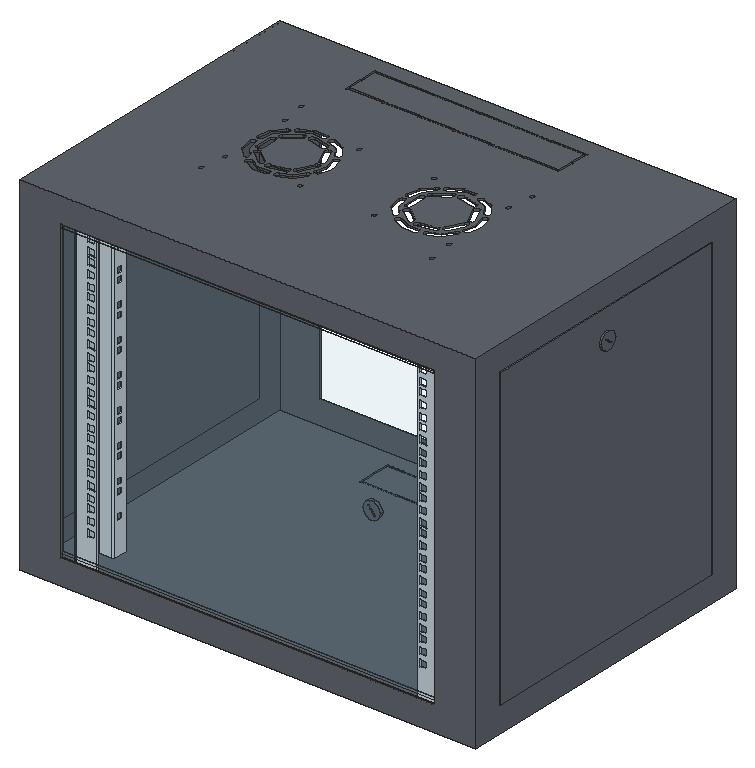
Revit family "Legrand Linkeo coffrets pivotants avec panneaux latéraux amovibles", category Equipement spécialisé, Revit 2020
Family settings
  Cote de connecteur circulaire = Utiliser le diamètre
  Type d'élément = Normal
  Numéro OmniClass = 23.80.30.11.17
  Titre OmniClass = Distribution Boards and Control Panels
  Basée sur le plan de construction = Non
  Toujours verticalement = Oui
  Couper avec des vides une fois chargée = Non
  Partagée = Oui
  Point de calcul de pièce = Non
Parameters (values of type "Coffret pivotant Legrand Linkeo 9U W600 D610 646221.rfa")
  Type de montage = "Frontal"
  Type d'aération = "Passif"
  Référence Legrand = "646221"
  RAL = "7016"
  Profondeur du modèle = 458.00 mm
  Passage utile en largeur (mm) = 527.00 mm
  Passage utile en hauteur (mm) = 422.00 mm
  Nombre de portes = "1"
  Nombre d'unités en hauteur = 9
  Modèle = "Corps pivotant"
  Matériau = "Acier"
  Lien e-catalogue = "https://www.legrand.fr/reference/646221/pro"
  Libellé BIM = "Coffret pivotant Legrand Linkeo 9U W600 D610 646221.rfa"
  Indice de protection IP = "IP20"
  Indice de protection IK = "IK08"
  Profondeur (mm) = 615.00 mm
  Largeur (mm) = 642.00 mm
  Hauteur (mm) = 492.00 mm
  Fonction = "Coffrets pivotants Legrand Linkeo"
  Finition du rail profilé = "En forme de L"
  Finition de surface = "Poudré"
  Fabricant = "Legrand"  # constant formula
  Epaisseur (mm) = 1.50 mm
  Emplacement de rack = 40.00 mm
  Elévation par défaut = 0.00 mm
  EAN = "3414970967893"
  Démontable = yes
  Dimension modulaire = "482.6 mm (19 pouces)"
  Couleur = gris
  Classe d'application = "Coffrets Legrand"
  Capacité de charge max = "27"
  Capacité = 9
  Avec tôle de toit = yes
  Avec porte frontale = yes
  Avec parois latérales = yes
  Avec mise à la terre = yes
Reference planes
  plane 1 "Centre (avant/arrière)": y = 4
  plane 2: z = 0
  plane 3 "Centre (gauche/droite)": x = 0
  plane 4: x = 642
  plane 5: z = 492
  plane 6: y = -454
  plane 7: x = 57.5
  plane 8: x = 584.5
  plane 9: x = 321
  plane 10: z = 457
  plane 11: z = 35
  plane 12: z = 246
  plane 13: y = -452
  plane 14: x = 321
  plane 15: y = -444.5
  plane 16: y = 455.094
  plane 17: x = 1428.928
  plane 18: z = -485.313
  plane 19: x = 2466.566
  plane 20: z = 246
  plane 21: x = 302.5
  plane 22: z = 51
  plane 23: x = 521
  plane 24: x = 121
  plane 25: x = 321
  plane 26: y = -414
  plane 27: x = 528
  plane 28: y = -412.5
  plane 29: x = 559.5
  plane 30: x = 561
  plane 31: y = -373.5
  plane 32: y = -372
  plane 33: x = 537.5
  plane 34: x = 539
  plane 35: y = -352
  plane 36: z = 46.65
  plane 37: z = 56.15
  plane 38: x = 531.5
  plane 39: x = 541
  plane 40: z = 78.4
  plane 41: z = 87.9
  plane 42: y = -358.486
  plane 43: y = -367.986
  plane 44: z = 72.03
  plane 45: z = 62.53
  plane 46: x = 77
  plane 47: y = -412.5
  plane 48: y = -373.5
  plane 49: y = -372
  plane 50: x = 67.5
  plane 51: x = 66
  plane 52: y = -352
  plane 53: z = 40
  plane 54: z = 457
  plane 55: z = 246
  plane 56: y = -454
  plane 57: y = -36
  plane 58: z = 35
  plane 59: y = -414
  plane 60 "Panneaux gauche": y = -410.5
  plane 61 "Panneaux droit": y = -39.5
  plane 62 "Panneaux haut": z = 455
  plane 63: z = 415
  plane 64: z = 415
  plane 65: y = -225
  plane 66: y = -225
  plane 67: y = -221
  plane 68: z = 0
  plane 69: y = 161
Forms (mm)
  Extrusion 1, solid, material "gris" <- "Couleur"
    sketch origin (0, 0, 0) x (0, 1, 0) y (0, 0, 1)
      loop
        line (-454, 0) -> (4, 0) -> (4, 492) -> (-454, 492) -> (-454, 0)
    from 0 to 642
  Extrusion 2, void
    sketch origin (0, 4, 0) x (1, 0, 0) y (0, 0, 1)
      loop
        line (2, 490) -> (2, 2) -> (640, 2) -> (640, 490) -> (2, 490)
    from 2 to 456
  Extrusion 3, void
    sketch origin (0, 4, 0) x (1, 0, 0) y (0, 0, 1)
      loop
        line (57.5, 457) -> (57.5, 35) -> (584.5, 35) -> (584.5, 457) -> (57.5, 457)
    from 0 to 458
  Extrusion 4, solid, material "Verre"
    sketch origin (0, 4, 0) x (1, 0, 0) y (0, 0, 1)
      loop
        line (57.5, 40) -> (584.5, 40) -> (584.5, 452) -> (57.5, 452) -> (57.5, 40)
    from 453 to 458
  Extrusion 5, void
    sketch origin (-365.695, -1524, 492) x (0, -1, 0) y (-1, 0, 0)
      loop
        line (-1350.513, -534.853) -> (-1358.354, -549.371)
        arc (-1358.354, -549.371) -> (-1358.749, -550.408) -> (-1358.863, -551.511) r 4.25
        line (-1358.863, -551.511) -> (-1358.394, -568.003)
        arc (-1358.394, -568.003) -> (-1354.026, -572.132) -> (-1349.897, -567.763) r 4.25
        line (-1349.897, -567.763) -> (-1350.334, -552.408) -> (-1343.033, -538.89)
        arc (-1343.033, -538.89) -> (-1344.755, -533.132) -> (-1350.513, -534.853) r 4.25
      loop
        line (-1354.904, -582.413) -> (-1348.443, -597.593)
        arc (-1348.443, -597.593) -> (-1347.879, -598.55) -> (-1347.086, -599.327) r 4.25
        line (-1347.086, -599.327) -> (-1333.9, -609.243)
        arc (-1333.9, -609.243) -> (-1327.948, -608.402) -> (-1328.79, -602.45) r 4.25
        line (-1328.79, -602.45) -> (-1341.067, -593.218) -> (-1347.082, -579.087)
        arc (-1347.082, -579.087) -> (-1352.657, -576.837) -> (-1354.904, -582.413) r 4.25
      loop
        line (-1346.169, -561.222) -> (-1341.018, -583.429)
        arc (-1341.018, -583.429) -> (-1335.919, -586.613) -> (-1332.738, -581.512) r 4.25
        line (-1332.738, -581.512) -> (-1337.889, -559.301)
        arc (-1337.889, -559.301) -> (-1342.989, -556.121) -> (-1346.169, -561.222) r 4.25
      loop
        line (-1331.58, -595.457) -> (-1311.006, -605.276)
        arc (-1311.006, -605.276) -> (-1305.336, -603.272) -> (-1307.347, -597.604) r 4.25
        line (-1307.347, -597.604) -> (-1327.918, -587.786)
        arc (-1327.918, -587.786) -> (-1333.585, -589.791) -> (-1331.58, -595.457) r 4.25
      loop
        line (-1303.383, -611.418) -> (-1318.185, -607.309)
        arc (-1318.185, -607.309) -> (-1323.416, -610.266) -> (-1320.461, -615.498) r 4.25
        line (-1320.461, -615.498) -> (-1304.557, -619.913)
        arc (-1304.557, -619.913) -> (-1303.461, -620.067) -> (-1302.362, -619.933) r 4.25
        line (-1302.362, -619.933) -> (-1286.384, -615.805)
        arc (-1286.384, -615.805) -> (-1283.332, -610.627) -> (-1288.51, -607.575) r 4.25
        line (-1288.51, -607.575) -> (-1303.383, -611.418)
      loop
        line (-1295.717, -605.396) -> (-1275.215, -595.434)
        arc (-1275.215, -595.434) -> (-1273.245, -589.752) -> (-1278.93, -587.789) r 4.25
        line (-1278.93, -587.789) -> (-1299.432, -597.751)
        arc (-1299.432, -597.751) -> (-1301.397, -603.431) -> (-1295.717, -605.396) r 4.25
      loop
        line (-1258.363, -597.811) -> (-1251.63, -582.747)
        arc (-1251.63, -582.747) -> (-1253.777, -577.132) -> (-1259.391, -579.283) r 4.25
        line (-1259.391, -579.283) -> (-1265.658, -593.302) -> (-1278.099, -602.313)
        arc (-1278.099, -602.313) -> (-1279.048, -608.248) -> (-1273.113, -609.197) r 4.25
        line (-1273.113, -609.197) -> (-1259.754, -599.522)
        arc (-1259.754, -599.522) -> (-1258.946, -598.758) -> (-1258.363, -597.811) r 4.25
      loop
        line (-1265.586, -583.55) -> (-1260.592, -561.312)
        arc (-1260.592, -561.312) -> (-1263.806, -556.231) -> (-1268.885, -559.448) r 4.25
        line (-1268.885, -559.448) -> (-1273.88, -581.692)
        arc (-1273.88, -581.692) -> (-1270.662, -586.771) -> (-1265.586, -583.55) r 4.25
      loop
        line (-1256.301, -552.513) -> (-1257.013, -567.863)
        arc (-1257.013, -567.863) -> (-1252.962, -572.301) -> (-1248.522, -568.252) r 4.25
        line (-1248.522, -568.252) -> (-1247.757, -551.774)
        arc (-1247.757, -551.774) -> (-1247.85, -550.666) -> (-1248.227, -549.621) r 4.25
        line (-1248.227, -549.621) -> (-1255.806, -534.964)
        arc (-1255.806, -534.964) -> (-1261.536, -533.142) -> (-1263.354, -538.873) r 4.25
        line (-1263.354, -538.873) -> (-1256.301, -552.513)
      loop
        line (-1263.875, -546.382) -> (-1278.15, -528.609)
        arc (-1278.15, -528.609) -> (-1284.127, -527.949) -> (-1284.782, -533.927) r 4.25
        line (-1284.782, -533.927) -> (-1270.506, -551.699)
        arc (-1270.506, -551.699) -> (-1264.532, -552.357) -> (-1263.875, -546.382) r 4.25
      loop
        line (-1265.201, -523.497) -> (-1277.606, -512.626)
        arc (-1277.606, -512.626) -> (-1278.527, -512.009) -> (-1279.576, -511.652) r 4.25
        line (-1279.576, -511.652) -> (-1295.774, -508.436)
        arc (-1295.774, -508.436) -> (-1300.766, -511.785) -> (-1297.416, -516.776) r 4.25
        line (-1297.416, -516.776) -> (-1282.356, -519.766) -> (-1270.803, -529.89)
        arc (-1270.803, -529.89) -> (-1264.806, -529.494) -> (-1265.201, -523.497) r 4.25
      loop
        line (-1310.597, -508.634) -> (-1326.831, -511.555)
        arc (-1326.831, -511.555) -> (-1327.888, -511.892) -> (-1328.821, -512.492) r 4.25
        line (-1328.821, -512.492) -> (-1341.424, -523.142)
        arc (-1341.424, -523.142) -> (-1341.927, -529.131) -> (-1335.938, -529.634) r 4.25
        line (-1335.938, -529.634) -> (-1324.205, -519.719) -> (-1309.084, -516.998)
        arc (-1309.084, -516.998) -> (-1305.657, -512.059) -> (-1310.597, -508.634) r 4.25
      loop
        line (-1291.875, -521.865) -> (-1314.672, -521.944)
        arc (-1314.672, -521.944) -> (-1318.91, -526.21) -> (-1314.64, -530.444) r 4.25
        line (-1314.64, -530.444) -> (-1291.846, -530.365)
        arc (-1291.846, -530.365) -> (-1287.611, -526.1) -> (-1291.875, -521.865) r 4.25
      loop
        line (-1328.501, -528.473) -> (-1342.652, -546.345)
        arc (-1342.652, -546.345) -> (-1341.958, -552.316) -> (-1335.988, -551.622) r 4.25
        line (-1335.988, -551.622) -> (-1321.835, -533.747)
        arc (-1321.835, -533.747) -> (-1322.53, -527.775) -> (-1328.501, -528.473) r 4.25
      loop
        line (-1248.227, -759.621) -> (-1255.806, -744.964)
        arc (-1255.806, -744.964) -> (-1261.535, -743.142) -> (-1263.354, -748.873) r 4.25
        line (-1263.354, -748.873) -> (-1256.301, -762.513) -> (-1257.013, -777.862)
        arc (-1257.013, -777.862) -> (-1252.962, -782.301) -> (-1248.522, -778.252) r 4.25
        line (-1248.522, -778.252) -> (-1247.757, -761.774)
        arc (-1247.757, -761.774) -> (-1247.85, -760.666) -> (-1248.227, -759.621) r 4.25
      loop
        line (-1258.363, -807.811) -> (-1251.63, -792.747)
        arc (-1251.63, -792.747) -> (-1253.777, -787.132) -> (-1259.391, -789.283) r 4.25
        line (-1259.391, -789.283) -> (-1265.658, -803.302) -> (-1278.099, -812.313)
        arc (-1278.099, -812.313) -> (-1279.048, -818.248) -> (-1273.113, -819.197) r 4.25
        line (-1273.113, -819.197) -> (-1259.75, -809.519)
        arc (-1259.75, -809.519) -> (-1258.944, -808.756) -> (-1258.363, -807.811) r 4.25
      loop
        line (-1288.506, -817.574) -> (-1303.383, -821.418) -> (-1318.185, -817.309)
        arc (-1318.185, -817.309) -> (-1323.416, -820.264) -> (-1320.464, -825.498) r 4.25
        line (-1320.464, -825.498) -> (-1304.567, -829.911)
        arc (-1304.567, -829.911) -> (-1303.467, -830.067) -> (-1302.365, -829.934) r 4.25
        line (-1302.365, -829.934) -> (-1286.38, -825.804)
        arc (-1286.38, -825.804) -> (-1283.332, -820.627) -> (-1288.506, -817.574) r 4.25
      loop
        line (-1328.79, -812.45) -> (-1341.067, -803.218) -> (-1347.082, -789.087)
        arc (-1347.082, -789.087) -> (-1352.657, -786.837) -> (-1354.904, -792.413) r 4.25
        line (-1354.904, -792.413) -> (-1348.442, -807.595)
        arc (-1348.442, -807.595) -> (-1347.878, -808.55) -> (-1347.086, -809.327) r 4.25
        line (-1347.086, -809.327) -> (-1333.898, -819.244)
        arc (-1333.898, -819.244) -> (-1327.947, -818.401) -> (-1328.79, -812.45) r 4.25
      loop
        line (-1353.399, -777.863) -> (-1353.663, -768.573) -> (-1343.034, -748.892)
        arc (-1343.034, -748.892) -> (-1344.753, -743.134) -> (-1350.511, -744.85) r 4.25
        line (-1350.511, -744.85) -> (-1358.355, -759.373)
        arc (-1358.355, -759.373) -> (-1358.749, -760.409) -> (-1358.863, -761.511) r 4.25
        line (-1358.863, -761.511) -> (-1358.394, -778.002)
        arc (-1358.394, -778.002) -> (-1355.827, -780.431) -> (-1353.399, -777.863) r 2.498
      loop
        line (-1335.935, -739.632) -> (-1324.205, -729.719) -> (-1309.086, -726.999)
        arc (-1309.086, -726.999) -> (-1305.656, -722.064) -> (-1310.589, -718.632) r 4.25
        line (-1310.589, -718.632) -> (-1326.828, -721.554)
        arc (-1326.828, -721.554) -> (-1327.886, -721.891) -> (-1328.821, -722.492) r 4.25
        line (-1328.821, -722.492) -> (-1341.422, -733.14)
        arc (-1341.422, -733.14) -> (-1341.927, -739.131) -> (-1335.935, -739.632) r 4.25
      loop
        line (-1297.423, -726.774) -> (-1282.356, -729.766) -> (-1270.8, -739.892)
        arc (-1270.8, -739.892) -> (-1264.805, -739.493) -> (-1265.201, -733.497) r 4.25
        line (-1265.201, -733.497) -> (-1277.608, -722.625)
        arc (-1277.608, -722.625) -> (-1278.53, -722.008) -> (-1279.581, -721.651) r 4.25
        line (-1279.581, -721.651) -> (-1295.768, -718.437)
        arc (-1295.768, -718.437) -> (-1300.764, -721.778) -> (-1297.423, -726.774) r 4.25
      loop
        line (-1284.782, -743.927) -> (-1270.506, -761.7)
        arc (-1270.506, -761.7) -> (-1264.532, -762.357) -> (-1263.875, -756.382) r 4.25
        line (-1263.875, -756.382) -> (-1278.152, -738.607)
        arc (-1278.152, -738.607) -> (-1284.128, -737.95) -> (-1284.782, -743.927) r 4.25
      loop
        line (-1268.885, -769.449) -> (-1273.88, -791.692)
        arc (-1273.88, -791.692) -> (-1270.662, -796.771) -> (-1265.586, -793.55) r 4.25
        line (-1265.586, -793.55) -> (-1260.591, -771.312)
        arc (-1260.591, -771.312) -> (-1263.806, -766.231) -> (-1268.885, -769.449) r 4.25
      loop
        line (-1278.93, -797.789) -> (-1299.438, -807.754)
        arc (-1299.438, -807.754) -> (-1301.396, -813.434) -> (-1295.717, -815.396) r 4.25
        line (-1295.717, -815.396) -> (-1275.21, -805.432)
        arc (-1275.21, -805.432) -> (-1273.246, -799.749) -> (-1278.93, -797.789) r 4.25
      loop
        line (-1291.875, -731.865) -> (-1314.671, -731.944)
        arc (-1314.671, -731.944) -> (-1318.91, -736.209) -> (-1314.641, -740.444) r 4.25
        line (-1314.641, -740.444) -> (-1291.846, -740.365)
        arc (-1291.846, -740.365) -> (-1287.611, -736.1) -> (-1291.875, -731.865) r 4.25
      loop
        line (-1328.502, -738.474) -> (-1342.652, -756.345)
        arc (-1342.652, -756.345) -> (-1341.958, -762.316) -> (-1335.988, -761.622) r 4.25
        line (-1335.988, -761.622) -> (-1321.835, -743.746)
        arc (-1321.835, -743.746) -> (-1322.531, -737.775) -> (-1328.502, -738.474) r 4.25
      loop
        line (-1346.169, -771.222) -> (-1341.019, -793.428)
        arc (-1341.019, -793.428) -> (-1335.92, -796.613) -> (-1332.738, -791.512) r 4.25
        line (-1332.738, -791.512) -> (-1337.889, -769.301)
        arc (-1337.889, -769.301) -> (-1342.989, -766.121) -> (-1346.169, -771.222) r 4.25
      loop
        line (-1331.58, -805.457) -> (-1311.005, -815.277)
        arc (-1311.005, -815.277) -> (-1305.337, -813.274) -> (-1307.342, -807.607) r 4.25
        line (-1307.342, -807.607) -> (-1327.912, -797.789)
        arc (-1327.912, -797.789) -> (-1333.583, -799.788) -> (-1331.58, -805.457) r 4.25
      loop
        circle (-1391.328, -505.695) r 2.75
      loop
        circle (-1355.83, -510.693) r 2.75
      loop
        circle (-1250.829, -510.693) r 2.75
      loop
        circle (-1215.328, -505.695) r 2.75
      loop
        circle (-1250.828, -615.695) r 2.75
      loop
        circle (-1355.828, -615.695) r 2.75
      loop
        circle (-1355.83, -720.693) r 2.75
      loop
        circle (-1250.828, -720.695) r 2.75
      loop
        circle (-1250.828, -825.695) r 2.75
      loop
        circle (-1215.328, -830.695) r 2.75
      loop
        circle (-1355.828, -825.695) r 2.75
      loop
        circle (-1391.328, -830.695) r 2.75
    from 0 to 2
  Extrusion 6, void
    sketch origin (0, 4, 492) x (1, 0, 0) y (0, -1, 0)
      loop
        line (152.5, 24) -> (201.75, 24) -> (201.75, 27) -> (155.5, 27) -> (155.5, 48.25) -> (152.5, 48.25) -> (152.5, 24)
      loop
        line (452.5, 49.75) -> (452.5, 74) -> (403.25, 74) -> (403.25, 71) -> (449.5, 71) -> (449.5, 49.75) -> (452.5, 49.75)
      loop
        line (403.25, 24) -> (452.5, 24) -> (452.5, 48.25) -> (449.5, 48.25) -> (449.5, 27) -> (403.25, 27) -> (403.25, 24)
      loop
        line (203.25, 71) -> (251.75, 71) -> (251.75, 74) -> (203.25, 74) -> (203.25, 71)
      loop
        line (152.5, 49.75) -> (155.5, 49.75) -> (155.5, 71) -> (201.75, 71) -> (201.75, 74) -> (152.5, 74) -> (152.5, 49.75)
      loop
        line (253.25, 74) -> (253.25, 71) -> (301.75, 71) -> (301.75, 74) -> (253.25, 74)
      loop
        line (351.75, 71) -> (351.75, 74) -> (303.25, 74) -> (303.25, 71) -> (351.75, 71)
      loop
        line (353.25, 74) -> (353.25, 71) -> (401.75, 71) -> (401.75, 74) -> (353.25, 74)
      loop
        line (351.75, 27) -> (303.25, 27) -> (303.25, 24) -> (351.75, 24) -> (351.75, 27)
      loop
        line (353.25, 27) -> (353.25, 24) -> (401.75, 24) -> (401.75, 27) -> (353.25, 27)
      loop
        line (251.75, 27) -> (203.25, 27) -> (203.25, 24) -> (251.75, 24) -> (251.75, 27)
      loop
        line (253.25, 27) -> (253.25, 24) -> (301.75, 24) -> (301.75, 27) -> (253.25, 27)
    from 0 to 2
  Extrusion 7, void
    sketch origin (0, -150, 0) x (1, 0, 0) y (0, 1, 0)
      loop
        line (171, 130) -> (171, 105.75) -> (174, 105.75) -> (174, 127) -> (220.25, 127) -> (220.25, 130) -> (171, 130)
      loop
        line (471, 104.25) -> (468, 104.25) -> (468, 83) -> (421.75, 83) -> (421.75, 80) -> (471, 80) -> (471, 104.25)
      loop
        line (421.75, 130) -> (421.75, 127) -> (468, 127) -> (468, 105.75) -> (471, 105.75) -> (471, 130) -> (421.75, 130)
      loop
        line (221.75, 83) -> (221.75, 80) -> (270.25, 80) -> (270.25, 83) -> (221.75, 83)
      loop
        line (171, 104.25) -> (171, 80) -> (220.25, 80) -> (220.25, 83) -> (174, 83) -> (174, 104.25) -> (171, 104.25)
      loop
        line (271.75, 80) -> (320.25, 80) -> (320.25, 83) -> (271.75, 83) -> (271.75, 80)
      loop
        line (370.25, 83) -> (321.75, 83) -> (321.75, 80) -> (370.25, 80) -> (370.25, 83)
      loop
        line (371.75, 80) -> (420.25, 80) -> (420.25, 83) -> (371.75, 83) -> (371.75, 80)
      loop
        line (370.25, 127) -> (370.25, 130) -> (321.75, 130) -> (321.75, 127) -> (370.25, 127)
      loop
        line (371.75, 127) -> (420.25, 127) -> (420.25, 130) -> (371.75, 130) -> (371.75, 127)
      loop
        line (270.25, 127) -> (270.25, 130) -> (221.75, 130) -> (221.75, 127) -> (270.25, 127)
      loop
        line (271.75, 127) -> (320.25, 127) -> (320.25, 130) -> (271.75, 130) -> (271.75, 127)
    from 0 to 2
  Extrusion 8, solid
    sketch origin (640, 4, 2) x (-1, 0, 0) y (0, -1, 0)
      loop
        line (112, 416.5) -> (112, 418) -> (82, 418)
        arc (82, 418) -> (79.879, 417.121) -> (79, 415) r 3
        line (79, 415) -> (79, 379)
        arc (79, 379) -> (79.879, 376.879) -> (82, 376) r 3
        line (82, 376) -> (99.5, 376)
        arc (99.5, 376) -> (100.561, 375.561) -> (101, 374.5) r 1.5
        line (101, 374.5) -> (101, 356) -> (102.5, 356) -> (102.5, 374.5)
        arc (102.5, 374.5) -> (101.621, 376.621) -> (99.5, 377.5) r 3
        line (99.5, 377.5) -> (82, 377.5)
        arc (82, 377.5) -> (80.939, 377.939) -> (80.5, 379) r 1.5
        line (80.5, 379) -> (80.5, 415)
        arc (80.5, 415) -> (80.939, 416.061) -> (82, 416.5) r 1.5
        line (82, 416.5) -> (112, 416.5)
    from 0 to 488
  Extrusion 9, void
    sketch origin (528, -414, 2) x (-1, 0, 0) y (0, 0, 1)
      loop
        line (-3.5, 44.65) -> (-3.5, 54.15) -> (-13, 54.15) -> (-13, 44.65) -> (-3.5, 44.65)
      loop
        line (-3.5, 76.4) -> (-3.5, 85.9) -> (-13, 85.9) -> (-13, 76.4) -> (-3.5, 76.4)
    from 0 to 1.5
  Extrusion 10, void
    sketch origin (528, -414, 2) x (-1, 0, 0) y (0, 0, 1)
      loop
        line (-3.5, 60.53) -> (-3.5, 70.03) -> (-13, 70.03) -> (-13, 60.53) -> (-3.5, 60.53)
    from 0 to 1.5
  Extrusion 11, solid
    sketch origin (50.243, 4, 2) x (1, 0, 0) y (0, 1, 0)
      loop
        line (26.757, -416.5) -> (-3.243, -416.5)
        arc (-3.243, -416.5) -> (-4.303, -416.061) -> (-4.743, -415) r 1.5
        line (-4.743, -415) -> (-4.743, -379)
        arc (-4.743, -379) -> (-4.303, -377.939) -> (-3.243, -377.5) r 1.5
        line (-3.243, -377.5) -> (14.257, -377.5)
        arc (14.257, -377.5) -> (16.379, -376.621) -> (17.257, -374.5) r 3
        line (17.257, -374.5) -> (17.257, -356) -> (15.757, -356) -> (15.757, -374.5)
        arc (15.757, -374.5) -> (15.318, -375.561) -> (14.257, -376) r 1.5
        line (14.257, -376) -> (-3.243, -376)
        arc (-3.243, -376) -> (-5.364, -376.879) -> (-6.243, -379) r 3
        line (-6.243, -379) -> (-6.243, -415)
        arc (-6.243, -415) -> (-5.364, -417.121) -> (-3.243, -418) r 3
        line (-3.243, -418) -> (26.757, -418) -> (26.757, -416.5)
    from 0 to 488
  Extrusion 12, void
    sketch origin (60.5, -414, 2) x (-1, 0, 0) y (0, 0, 1)
      loop
        line (-3.5, 44.65) -> (-3.5, 54.15) -> (-13, 54.15) -> (-13, 44.65) -> (-3.5, 44.65)
      loop
        line (-3.5, 76.4) -> (-3.5, 85.9) -> (-13, 85.9) -> (-13, 76.4) -> (-3.5, 76.4)
    from 0 to 1.5
  Extrusion 13, void
    sketch origin (60.5, -414, 2) x (-1, 0, 0) y (0, 0, 1)
      loop
        line (-3.5, 60.53) -> (-3.5, 70.03) -> (-13, 70.03) -> (-13, 60.53) -> (-3.5, 60.53)
    from 0 to 1.5
  Extrusion 14, void, not visible
    sketch origin (528, -414, 2) x (-1, 0, 0) y (0, 0, 1)
      loop
        line (-3.5, 44.65) -> (-3.5, 54.15) -> (-13, 54.15) -> (-13, 44.65) -> (-3.5, 44.65)
      loop
        line (-3.5, 76.4) -> (-3.5, 85.9) -> (-13, 85.9) -> (-13, 76.4) -> (-3.5, 76.4)
    from 0 to 1.5
  Extrusion 15, void, not visible
    sketch origin (528, -414, 2) x (-1, 0, 0) y (0, 0, 1)
      loop
        line (-3.5, 60.53) -> (-3.5, 70.03) -> (-13, 70.03) -> (-13, 60.53) -> (-3.5, 60.53)
    from 0 to 1.5
  Extrusion 16, void
    sketch origin (528, -414, 46.45) x (-1, 0, 0) y (0, 0, 1)
      loop
        line (-3.5, 44.65) -> (-3.5, 54.15) -> (-13, 54.15) -> (-13, 44.65) -> (-3.5, 44.65)
      loop
        line (-3.5, 76.4) -> (-3.5, 85.9) -> (-13, 85.9) -> (-13, 76.4) -> (-3.5, 76.4)
    from 0 to 1.5
  Extrusion 17, void
    sketch origin (528, -414, 46.45) x (-1, 0, 0) y (0, 0, 1)
      loop
        line (-3.5, 60.53) -> (-3.5, 70.03) -> (-13, 70.03) -> (-13, 60.53) -> (-3.5, 60.53)
    from 0 to 1.5
  Extrusion 18, void
    sketch origin (60.5, -414, 46.45) x (-1, 0, 0) y (0, 0, 1)
      loop
        line (-3.5, 44.65) -> (-3.5, 54.15) -> (-13, 54.15) -> (-13, 44.65) -> (-3.5, 44.65)
      loop
        line (-3.5, 76.4) -> (-3.5, 85.9) -> (-13, 85.9) -> (-13, 76.4) -> (-3.5, 76.4)
    from 0 to 1.5
  Extrusion 19, void
    sketch origin (60.5, -414, 46.45) x (-1, 0, 0) y (0, 0, 1)
      loop
        line (-3.5, 60.53) -> (-3.5, 70.03) -> (-13, 70.03) -> (-13, 60.53) -> (-3.5, 60.53)
    from 0 to 1.5
  Extrusion 20, void
    sketch origin (528, -414, 90.9) x (-1, 0, 0) y (0, 0, 1)
      loop
        line (-3.5, 44.65) -> (-3.5, 54.15) -> (-13, 54.15) -> (-13, 44.65) -> (-3.5, 44.65)
      loop
        line (-3.5, 76.4) -> (-3.5, 85.9) -> (-13, 85.9) -> (-13, 76.4) -> (-3.5, 76.4)
    from 0 to 1.5
  Extrusion 21, void
    sketch origin (528, -414, 90.9) x (-1, 0, 0) y (0, 0, 1)
      loop
        line (-3.5, 60.53) -> (-3.5, 70.03) -> (-13, 70.03) -> (-13, 60.53) -> (-3.5, 60.53)
    from 0 to 1.5
  Extrusion 22, void
    sketch origin (60.5, -414, 90.9) x (-1, 0, 0) y (0, 0, 1)
      loop
        line (-3.5, 44.65) -> (-3.5, 54.15) -> (-13, 54.15) -> (-13, 44.65) -> (-3.5, 44.65)
      loop
        line (-3.5, 76.4) -> (-3.5, 85.9) -> (-13, 85.9) -> (-13, 76.4) -> (-3.5, 76.4)
    from 0 to 1.5
  Extrusion 23, void
    sketch origin (60.5, -414, 90.9) x (-1, 0, 0) y (0, 0, 1)
      loop
        line (-3.5, 60.53) -> (-3.5, 70.03) -> (-13, 70.03) -> (-13, 60.53) -> (-3.5, 60.53)
    from 0 to 1.5
  Extrusion 24, void
    sketch origin (528, -414, 135.35) x (-1, 0, 0) y (0, 0, 1)
      loop
        line (-3.5, 44.65) -> (-3.5, 54.15) -> (-13, 54.15) -> (-13, 44.65) -> (-3.5, 44.65)
      loop
        line (-3.5, 76.4) -> (-3.5, 85.9) -> (-13, 85.9) -> (-13, 76.4) -> (-3.5, 76.4)
    from 0 to 1.5
  Extrusion 25, void
    sketch origin (528, -414, 135.35) x (-1, 0, 0) y (0, 0, 1)
      loop
        line (-3.5, 60.53) -> (-3.5, 70.03) -> (-13, 70.03) -> (-13, 60.53) -> (-3.5, 60.53)
    from 0 to 1.5
  Extrusion 26, void
    sketch origin (60.5, -414, 135.35) x (-1, 0, 0) y (0, 0, 1)
      loop
        line (-3.5, 44.65) -> (-3.5, 54.15) -> (-13, 54.15) -> (-13, 44.65) -> (-3.5, 44.65)
      loop
        line (-3.5, 76.4) -> (-3.5, 85.9) -> (-13, 85.9) -> (-13, 76.4) -> (-3.5, 76.4)
    from 0 to 1.5
  Extrusion 27, void
    sketch origin (60.5, -414, 135.35) x (-1, 0, 0) y (0, 0, 1)
      loop
        line (-3.5, 60.53) -> (-3.5, 70.03) -> (-13, 70.03) -> (-13, 60.53) -> (-3.5, 60.53)
    from 0 to 1.5
  Extrusion 28, void
    sketch origin (528, -414, 179.8) x (-1, 0, 0) y (0, 0, 1)
      loop
        line (-3.5, 44.65) -> (-3.5, 54.15) -> (-13, 54.15) -> (-13, 44.65) -> (-3.5, 44.65)
      loop
        line (-3.5, 76.4) -> (-3.5, 85.9) -> (-13, 85.9) -> (-13, 76.4) -> (-3.5, 76.4)
    from 0 to 1.5
  Extrusion 29, void
    sketch origin (528, -414, 179.8) x (-1, 0, 0) y (0, 0, 1)
      loop
        line (-3.5, 60.53) -> (-3.5, 70.03) -> (-13, 70.03) -> (-13, 60.53) -> (-3.5, 60.53)
    from 0 to 1.5
  Extrusion 30, void
    sketch origin (60.5, -414, 179.8) x (-1, 0, 0) y (0, 0, 1)
      loop
        line (-3.5, 44.65) -> (-3.5, 54.15) -> (-13, 54.15) -> (-13, 44.65) -> (-3.5, 44.65)
      loop
        line (-3.5, 76.4) -> (-3.5, 85.9) -> (-13, 85.9) -> (-13, 76.4) -> (-3.5, 76.4)
    from 0 to 1.5
  Extrusion 31, void
    sketch origin (60.5, -414, 179.8) x (-1, 0, 0) y (0, 0, 1)
      loop
        line (-3.5, 60.53) -> (-3.5, 70.03) -> (-13, 70.03) -> (-13, 60.53) -> (-3.5, 60.53)
    from 0 to 1.5
  Extrusion 32, void
    sketch origin (528, -414, 224.25) x (-1, 0, 0) y (0, 0, 1)
      loop
        line (-3.5, 44.65) -> (-3.5, 54.15) -> (-13, 54.15) -> (-13, 44.65) -> (-3.5, 44.65)
      loop
        line (-3.5, 76.4) -> (-3.5, 85.9) -> (-13, 85.9) -> (-13, 76.4) -> (-3.5, 76.4)
    from 0 to 1.5
  Extrusion 33, void
    sketch origin (528, -414, 224.25) x (-1, 0, 0) y (0, 0, 1)
      loop
        line (-3.5, 60.53) -> (-3.5, 70.03) -> (-13, 70.03) -> (-13, 60.53) -> (-3.5, 60.53)
    from 0 to 1.5
  Extrusion 34, void
    sketch origin (60.5, -414, 224.25) x (-1, 0, 0) y (0, 0, 1)
      loop
        line (-3.5, 44.65) -> (-3.5, 54.15) -> (-13, 54.15) -> (-13, 44.65) -> (-3.5, 44.65)
      loop
        line (-3.5, 76.4) -> (-3.5, 85.9) -> (-13, 85.9) -> (-13, 76.4) -> (-3.5, 76.4)
    from 0 to 1.5
  Extrusion 35, void
    sketch origin (60.5, -414, 224.25) x (-1, 0, 0) y (0, 0, 1)
      loop
        line (-3.5, 60.53) -> (-3.5, 70.03) -> (-13, 70.03) -> (-13, 60.53) -> (-3.5, 60.53)
    from 0 to 1.5
  Extrusion 36, void
    sketch origin (0, 0, 0) x (0, 1, 0) y (0, 0, 1)
      loop
        line (-367.986, 87.9) -> (-367.986, 78.4) -> (-358.486, 78.4) -> (-358.486, 87.9) -> (-367.986, 87.9)
    from 539 to 66
  Extrusion 37, void
    sketch origin (0, 0, -31.75) x (0, 1, 0) y (0, 0, 1)
      loop
        line (-367.986, 87.9) -> (-367.986, 78.4) -> (-358.486, 78.4) -> (-358.486, 87.9) -> (-367.986, 87.9)
    from 539 to 66
  Extrusion 38, void
    sketch origin (0, 0, 44.45) x (0, 1, 0) y (0, 0, 1)
      loop
        line (-367.986, 87.9) -> (-367.986, 78.4) -> (-358.486, 78.4) -> (-358.486, 87.9) -> (-367.986, 87.9)
    from 539 to 66
  Extrusion 39, void
    sketch origin (0, 0, 12.7) x (0, 1, 0) y (0, 0, 1)
      loop
        line (-367.986, 87.9) -> (-367.986, 78.4) -> (-358.486, 78.4) -> (-358.486, 87.9) -> (-367.986, 87.9)
    from 539 to 66
  Extrusion 40, void
    sketch origin (0, 0, 88.9) x (0, 1, 0) y (0, 0, 1)
      loop
        line (-367.986, 87.9) -> (-367.986, 78.4) -> (-358.486, 78.4) -> (-358.486, 87.9) -> (-367.986, 87.9)
    from 539 to 66
  Extrusion 41, void
    sketch origin (0, 0, 57.15) x (0, 1, 0) y (0, 0, 1)
      loop
        line (-367.986, 87.9) -> (-367.986, 78.4) -> (-358.486, 78.4) -> (-358.486, 87.9) -> (-367.986, 87.9)
    from 539 to 66
  Extrusion 42, void
    sketch origin (0, 0, 133.35) x (0, 1, 0) y (0, 0, 1)
      loop
        line (-367.986, 87.9) -> (-367.986, 78.4) -> (-358.486, 78.4) -> (-358.486, 87.9) -> (-367.986, 87.9)
    from 539 to 66
  Extrusion 43, void
    sketch origin (0, 0, 101.6) x (0, 1, 0) y (0, 0, 1)
      loop
        line (-367.986, 87.9) -> (-367.986, 78.4) -> (-358.486, 78.4) -> (-358.486, 87.9) -> (-367.986, 87.9)
    from 539 to 66
  Extrusion 44, void
    sketch origin (0, 0, 177.8) x (0, 1, 0) y (0, 0, 1)
      loop
        line (-367.986, 87.9) -> (-367.986, 78.4) -> (-358.486, 78.4) -> (-358.486, 87.9) -> (-367.986, 87.9)
    from 539 to 66
  Extrusion 45, void
    sketch origin (0, 0, 146.05) x (0, 1, 0) y (0, 0, 1)
      loop
        line (-367.986, 87.9) -> (-367.986, 78.4) -> (-358.486, 78.4) -> (-358.486, 87.9) -> (-367.986, 87.9)
    from 539 to 66
  Extrusion 46, void
    sketch origin (0, 0, 222.25) x (0, 1, 0) y (0, 0, 1)
      loop
        line (-367.986, 87.9) -> (-367.986, 78.4) -> (-358.486, 78.4) -> (-358.486, 87.9) -> (-367.986, 87.9)
    from 539 to 66
  Extrusion 47, void
    sketch origin (0, 0, 190.5) x (0, 1, 0) y (0, 0, 1)
      loop
        line (-367.986, 87.9) -> (-367.986, 78.4) -> (-358.486, 78.4) -> (-358.486, 87.9) -> (-367.986, 87.9)
    from 539 to 66
  Extrusion 48, solid, material "gris" <- "Couleur"
    sketch origin (-146.117, -446.068, -225.529) x (1, 0, 0) y (0, 0, 1)
      loop
        circle (638.746, 471.529) r 12
    from 0 to 4
  Extrusion 49, void
    sketch origin (-145.497, -450.068, -225.694) x (-1, 0, 0) y (0, 0, 1)
      loop
        line (-631.856, 476.03) -> (-633.789, 477.963) -> (-644.395, 467.357) -> (-642.463, 465.424) -> (-631.856, 476.03)
    from 0 to 2
  Extrusion 50, solid, material "gris" <- "Couleur", not visible
    sketch origin (50.552, -446.068, -159.029) x (1, 0, 0) y (0, 0, 1)
      loop
        circle (638.746, 471.529) r 12
    from 0 to 4
  Extrusion 51, void, not visible
    sketch origin (51.172, -450.068, -159.194) x (-1, 0, 0) y (0, 0, 1)
      loop
        line (-631.856, 476.03) -> (-633.789, 477.963) -> (-644.395, 467.357) -> (-642.463, 465.424) -> (-631.856, 476.03)
    from 0 to 2
  Extrusion 52, void
    sketch origin (0, 0, 0) x (0, 1, 0) y (0, 0, 1)
      loop
        line (-414, 35) -> (-36, 35) -> (-36, 457) -> (-414, 457) -> (-414, 35)
    from 0 to 642
  Extrusion 53, solid, material "gris" <- "Couleur"
    sketch origin (0, 0, 0) x (0, 1, 0) y (0, 0, 1)
      loop
        line (-410.5, 35) -> (-39.5, 35) -> (-39.5, 455) -> (-410.5, 455) -> (-410.5, 35)
    from 0 to 5
  Extrusion 54, solid, material "gris" <- "Couleur"
    sketch origin (642, -1989, -280.87) x (0, 0, -1) y (0, -1, 0)
      loop
        line (-315.87, -1578.5) -> (-735.87, -1578.5) -> (-735.87, -1949.5) -> (-315.87, -1949.5) -> (-315.87, -1578.5)
    from 0 to 5
  Extrusion 55, solid, material "gris" <- "Couleur", not visible
    sketch origin (0, 411.746, -178.488) x (0, -1, 0) y (0, 0, 1)
      loop
        circle (638.746, 471.529) r 12
    from 0 to 4
  Extrusion 56, void, not visible
    sketch origin (-4, 411.126, -178.653) x (0, 1, 0) y (0, 0, 1)
      loop
        line (-631.856, 476.03) -> (-633.789, 477.963) -> (-644.395, 467.357) -> (-642.463, 465.424) -> (-631.856, 476.03)
    from 0 to 2
  Extrusion 57, solid, material "gris" <- "Couleur"
    sketch origin (0, 413.746, -56.529) x (0, -1, 0) y (0, 0, 1)
      loop
        circle (638.746, 471.529) r 12
    from 0 to 4
  Extrusion 58, void
    sketch origin (-4, 413.126, -56.694) x (0, 1, 0) y (0, 0, 1)
      loop
        line (-631.856, 476.03) -> (-633.789, 477.963) -> (-644.395, 467.357) -> (-642.463, 465.424) -> (-631.856, 476.03)
    from 0 to 2
  Extrusion 59, solid, material "gris" <- "Couleur"
    sketch origin (642, -863.746, -56.529) x (0, 1, 0) y (0, 0, 1)
      loop
        circle (638.746, 471.529) r 12
    from 0 to 4
  Extrusion 60, void
    sketch origin (646, -863.126, -56.694) x (0, -1, 0) y (0, 0, 1)
      loop
        line (-631.856, 476.03) -> (-633.789, 477.963) -> (-644.395, 467.357) -> (-642.463, 465.424) -> (-631.856, 476.03)
    from 0 to 2
  Extrusion 61, solid, material "gris" <- "Couleur", not visible
    sketch origin (661, -865.746, -189.529) x (0, 1, 0) y (0, 0, 1)
      loop
        circle (638.746, 471.529) r 12
    from 0 to 4
  Extrusion 62, void, not visible
    sketch origin (665, -865.126, -189.694) x (0, -1, 0) y (0, 0, 1)
      loop
        line (-631.856, 476.03) -> (-633.789, 477.963) -> (-644.395, 467.357) -> (-642.463, 465.424) -> (-631.856, 476.03)
    from 0 to 2
  Extrusion 63, void, not visible
    sketch origin (-365.695, -1649.078, 625) x (0, -1, 0) y (-1, 0, 0)
      loop
        line (-1350.513, -534.853) -> (-1358.354, -549.371)
        arc (-1358.354, -549.371) -> (-1358.749, -550.408) -> (-1358.863, -551.511) r 4.25
        line (-1358.863, -551.511) -> (-1358.394, -568.003)
        arc (-1358.394, -568.003) -> (-1354.026, -572.132) -> (-1349.897, -567.763) r 4.25
        line (-1349.897, -567.763) -> (-1350.334, -552.408) -> (-1343.033, -538.89)
        arc (-1343.033, -538.89) -> (-1344.755, -533.132) -> (-1350.513, -534.853) r 4.25
      loop
        line (-1354.904, -582.413) -> (-1348.443, -597.593)
        arc (-1348.443, -597.593) -> (-1347.879, -598.55) -> (-1347.086, -599.327) r 4.25
        line (-1347.086, -599.327) -> (-1333.9, -609.243)
        arc (-1333.9, -609.243) -> (-1327.948, -608.402) -> (-1328.79, -602.45) r 4.25
        line (-1328.79, -602.45) -> (-1341.067, -593.218) -> (-1347.082, -579.087)
        arc (-1347.082, -579.087) -> (-1352.657, -576.837) -> (-1354.904, -582.413) r 4.25
      loop
        line (-1346.169, -561.222) -> (-1341.018, -583.429)
        arc (-1341.018, -583.429) -> (-1335.919, -586.613) -> (-1332.738, -581.512) r 4.25
        line (-1332.738, -581.512) -> (-1337.889, -559.301)
        arc (-1337.889, -559.301) -> (-1342.989, -556.121) -> (-1346.169, -561.222) r 4.25
      loop
        line (-1331.58, -595.457) -> (-1311.006, -605.276)
        arc (-1311.006, -605.276) -> (-1305.336, -603.272) -> (-1307.347, -597.604) r 4.25
        line (-1307.347, -597.604) -> (-1327.918, -587.786)
        arc (-1327.918, -587.786) -> (-1333.585, -589.791) -> (-1331.58, -595.457) r 4.25
      loop
        line (-1303.383, -611.418) -> (-1318.185, -607.309)
        arc (-1318.185, -607.309) -> (-1323.416, -610.266) -> (-1320.461, -615.498) r 4.25
        line (-1320.461, -615.498) -> (-1304.557, -619.913)
        arc (-1304.557, -619.913) -> (-1303.461, -620.067) -> (-1302.362, -619.933) r 4.25
        line (-1302.362, -619.933) -> (-1286.384, -615.805)
        arc (-1286.384, -615.805) -> (-1283.332, -610.627) -> (-1288.51, -607.575) r 4.25
        line (-1288.51, -607.575) -> (-1303.383, -611.418)
      loop
        line (-1295.717, -605.396) -> (-1275.215, -595.434)
        arc (-1275.215, -595.434) -> (-1273.245, -589.752) -> (-1278.93, -587.789) r 4.25
        line (-1278.93, -587.789) -> (-1299.432, -597.751)
        arc (-1299.432, -597.751) -> (-1301.397, -603.431) -> (-1295.717, -605.396) r 4.25
      loop
        line (-1258.363, -597.811) -> (-1251.63, -582.747)
        arc (-1251.63, -582.747) -> (-1253.777, -577.132) -> (-1259.391, -579.283) r 4.25
        line (-1259.391, -579.283) -> (-1265.658, -593.302) -> (-1278.099, -602.313)
        arc (-1278.099, -602.313) -> (-1279.048, -608.248) -> (-1273.113, -609.197) r 4.25
        line (-1273.113, -609.197) -> (-1259.754, -599.522)
        arc (-1259.754, -599.522) -> (-1258.946, -598.758) -> (-1258.363, -597.811) r 4.25
      loop
        line (-1265.586, -583.55) -> (-1260.592, -561.312)
        arc (-1260.592, -561.312) -> (-1263.806, -556.231) -> (-1268.885, -559.448) r 4.25
        line (-1268.885, -559.448) -> (-1273.88, -581.692)
        arc (-1273.88, -581.692) -> (-1270.662, -586.771) -> (-1265.586, -583.55) r 4.25
      loop
        line (-1256.301, -552.513) -> (-1257.013, -567.863)
        arc (-1257.013, -567.863) -> (-1252.962, -572.301) -> (-1248.522, -568.252) r 4.25
        line (-1248.522, -568.252) -> (-1247.757, -551.774)
        arc (-1247.757, -551.774) -> (-1247.85, -550.666) -> (-1248.227, -549.621) r 4.25
        line (-1248.227, -549.621) -> (-1255.806, -534.964)
        arc (-1255.806, -534.964) -> (-1261.536, -533.142) -> (-1263.354, -538.873) r 4.25
        line (-1263.354, -538.873) -> (-1256.301, -552.513)
      loop
        line (-1263.875, -546.382) -> (-1278.15, -528.609)
        arc (-1278.15, -528.609) -> (-1284.127, -527.949) -> (-1284.782, -533.927) r 4.25
        line (-1284.782, -533.927) -> (-1270.506, -551.699)
        arc (-1270.506, -551.699) -> (-1264.532, -552.357) -> (-1263.875, -546.382) r 4.25
      loop
        line (-1265.201, -523.497) -> (-1277.606, -512.626)
        arc (-1277.606, -512.626) -> (-1278.527, -512.009) -> (-1279.576, -511.652) r 4.25
        line (-1279.576, -511.652) -> (-1295.774, -508.436)
        arc (-1295.774, -508.436) -> (-1300.766, -511.785) -> (-1297.416, -516.776) r 4.25
        line (-1297.416, -516.776) -> (-1282.356, -519.766) -> (-1270.803, -529.89)
        arc (-1270.803, -529.89) -> (-1264.806, -529.494) -> (-1265.201, -523.497) r 4.25
      loop
        line (-1310.597, -508.634) -> (-1326.831, -511.555)
        arc (-1326.831, -511.555) -> (-1327.888, -511.892) -> (-1328.821, -512.492) r 4.25
        line (-1328.821, -512.492) -> (-1341.424, -523.142)
        arc (-1341.424, -523.142) -> (-1341.927, -529.131) -> (-1335.938, -529.634) r 4.25
        line (-1335.938, -529.634) -> (-1324.205, -519.719) -> (-1309.084, -516.998)
        arc (-1309.084, -516.998) -> (-1305.657, -512.059) -> (-1310.597, -508.634) r 4.25
      loop
        line (-1291.875, -521.865) -> (-1314.672, -521.944)
        arc (-1314.672, -521.944) -> (-1318.91, -526.21) -> (-1314.64, -530.444) r 4.25
        line (-1314.64, -530.444) -> (-1291.846, -530.365)
        arc (-1291.846, -530.365) -> (-1287.611, -526.1) -> (-1291.875, -521.865) r 4.25
      loop
        line (-1328.501, -528.473) -> (-1342.652, -546.345)
        arc (-1342.652, -546.345) -> (-1341.958, -552.316) -> (-1335.988, -551.622) r 4.25
        line (-1335.988, -551.622) -> (-1321.835, -533.747)
        arc (-1321.835, -533.747) -> (-1322.53, -527.775) -> (-1328.501, -528.473) r 4.25
      loop
        line (-1248.227, -759.621) -> (-1255.806, -744.964)
        arc (-1255.806, -744.964) -> (-1261.535, -743.142) -> (-1263.354, -748.873) r 4.25
        line (-1263.354, -748.873) -> (-1256.301, -762.513) -> (-1257.013, -777.862)
        arc (-1257.013, -777.862) -> (-1252.962, -782.301) -> (-1248.522, -778.252) r 4.25
        line (-1248.522, -778.252) -> (-1247.757, -761.774)
        arc (-1247.757, -761.774) -> (-1247.85, -760.666) -> (-1248.227, -759.621) r 4.25
      loop
        line (-1258.363, -807.811) -> (-1251.63, -792.747)
        arc (-1251.63, -792.747) -> (-1253.777, -787.132) -> (-1259.391, -789.283) r 4.25
        line (-1259.391, -789.283) -> (-1265.658, -803.302) -> (-1278.099, -812.313)
        arc (-1278.099, -812.313) -> (-1279.048, -818.248) -> (-1273.113, -819.197) r 4.25
        line (-1273.113, -819.197) -> (-1259.75, -809.519)
        arc (-1259.75, -809.519) -> (-1258.944, -808.756) -> (-1258.363, -807.811) r 4.25
      loop
        line (-1288.506, -817.574) -> (-1303.383, -821.418) -> (-1318.185, -817.309)
        arc (-1318.185, -817.309) -> (-1323.416, -820.264) -> (-1320.464, -825.498) r 4.25
        line (-1320.464, -825.498) -> (-1304.567, -829.911)
        arc (-1304.567, -829.911) -> (-1303.467, -830.067) -> (-1302.365, -829.934) r 4.25
        line (-1302.365, -829.934) -> (-1286.38, -825.804)
        arc (-1286.38, -825.804) -> (-1283.332, -820.627) -> (-1288.506, -817.574) r 4.25
      loop
        line (-1328.79, -812.45) -> (-1341.067, -803.218) -> (-1347.082, -789.087)
        arc (-1347.082, -789.087) -> (-1352.657, -786.837) -> (-1354.904, -792.413) r 4.25
        line (-1354.904, -792.413) -> (-1348.442, -807.595)
        arc (-1348.442, -807.595) -> (-1347.878, -808.55) -> (-1347.086, -809.327) r 4.25
        line (-1347.086, -809.327) -> (-1333.898, -819.244)
        arc (-1333.898, -819.244) -> (-1327.947, -818.401) -> (-1328.79, -812.45) r 4.25
      loop
        line (-1353.399, -777.863) -> (-1353.663, -768.573) -> (-1343.034, -748.892)
        arc (-1343.034, -748.892) -> (-1344.753, -743.134) -> (-1350.511, -744.85) r 4.25
        line (-1350.511, -744.85) -> (-1358.355, -759.373)
        arc (-1358.355, -759.373) -> (-1358.749, -760.409) -> (-1358.863, -761.511) r 4.25
        line (-1358.863, -761.511) -> (-1358.394, -778.002)
        arc (-1358.394, -778.002) -> (-1355.827, -780.431) -> (-1353.399, -777.863) r 2.498
      loop
        line (-1335.935, -739.632) -> (-1324.205, -729.719) -> (-1309.086, -726.999)
        arc (-1309.086, -726.999) -> (-1305.656, -722.064) -> (-1310.589, -718.632) r 4.25
        line (-1310.589, -718.632) -> (-1326.828, -721.554)
        arc (-1326.828, -721.554) -> (-1327.886, -721.891) -> (-1328.821, -722.492) r 4.25
        line (-1328.821, -722.492) -> (-1341.422, -733.14)
        arc (-1341.422, -733.14) -> (-1341.927, -739.131) -> (-1335.935, -739.632) r 4.25
      loop
        line (-1297.423, -726.774) -> (-1282.356, -729.766) -> (-1270.8, -739.892)
        arc (-1270.8, -739.892) -> (-1264.805, -739.493) -> (-1265.201, -733.497) r 4.25
        line (-1265.201, -733.497) -> (-1277.608, -722.625)
        arc (-1277.608, -722.625) -> (-1278.53, -722.008) -> (-1279.581, -721.651) r 4.25
        line (-1279.581, -721.651) -> (-1295.768, -718.437)
        arc (-1295.768, -718.437) -> (-1300.764, -721.778) -> (-1297.423, -726.774) r 4.25
      loop
        line (-1284.782, -743.927) -> (-1270.506, -761.7)
        arc (-1270.506, -761.7) -> (-1264.532, -762.357) -> (-1263.875, -756.382) r 4.25
        line (-1263.875, -756.382) -> (-1278.152, -738.607)
        arc (-1278.152, -738.607) -> (-1284.128, -737.95) -> (-1284.782, -743.927) r 4.25
      loop
        line (-1268.885, -769.449) -> (-1273.88, -791.692)
        arc (-1273.88, -791.692) -> (-1270.662, -796.771) -> (-1265.586, -793.55) r 4.25
        line (-1265.586, -793.55) -> (-1260.591, -771.312)
        arc (-1260.591, -771.312) -> (-1263.806, -766.231) -> (-1268.885, -769.449) r 4.25
      loop
        line (-1278.93, -797.789) -> (-1299.438, -807.754)
        arc (-1299.438, -807.754) -> (-1301.396, -813.434) -> (-1295.717, -815.396) r 4.25
        line (-1295.717, -815.396) -> (-1275.21, -805.432)
        arc (-1275.21, -805.432) -> (-1273.246, -799.749) -> (-1278.93, -797.789) r 4.25
      loop
        line (-1291.875, -731.865) -> (-1314.671, -731.944)
        arc (-1314.671, -731.944) -> (-1318.91, -736.209) -> (-1314.641, -740.444) r 4.25
        line (-1314.641, -740.444) -> (-1291.846, -740.365)
        arc (-1291.846, -740.365) -> (-1287.611, -736.1) -> (-1291.875, -731.865) r 4.25
      loop
        line (-1328.502, -738.474) -> (-1342.652, -756.345)
        arc (-1342.652, -756.345) -> (-1341.958, -762.316) -> (-1335.988, -761.622) r 4.25
        line (-1335.988, -761.622) -> (-1321.835, -743.746)
        arc (-1321.835, -743.746) -> (-1322.531, -737.775) -> (-1328.502, -738.474) r 4.25
      loop
        line (-1346.169, -771.222) -> (-1341.019, -793.428)
        arc (-1341.019, -793.428) -> (-1335.92, -796.613) -> (-1332.738, -791.512) r 4.25
        line (-1332.738, -791.512) -> (-1337.889, -769.301)
        arc (-1337.889, -769.301) -> (-1342.989, -766.121) -> (-1346.169, -771.222) r 4.25
      loop
        line (-1331.58, -805.457) -> (-1311.005, -815.277)
        arc (-1311.005, -815.277) -> (-1305.337, -813.274) -> (-1307.342, -807.607) r 4.25
        line (-1307.342, -807.607) -> (-1327.912, -797.789)
        arc (-1327.912, -797.789) -> (-1333.583, -799.788) -> (-1331.58, -805.457) r 4.25
      loop
        circle (-1391.328, -505.695) r 2.75
      loop
        circle (-1355.83, -510.693) r 2.75
      loop
        circle (-1250.829, -510.693) r 2.75
      loop
        circle (-1215.328, -505.695) r 2.75
      loop
        circle (-1250.828, -615.695) r 2.75
      loop
        circle (-1355.828, -615.695) r 2.75
      loop
        circle (-1355.83, -720.693) r 2.75
      loop
        circle (-1250.828, -720.695) r 2.75
      loop
        circle (-1250.828, -825.695) r 2.75
      loop
        circle (-1215.328, -830.695) r 2.75
      loop
        circle (-1355.828, -825.695) r 2.75
      loop
        circle (-1391.328, -830.695) r 2.75
    from 0 to 2
  Extrusion 64, void
    sketch origin (528, -414, 268.7) x (-1, 0, 0) y (0, 0, 1)
      loop
        line (-3.5, 44.65) -> (-3.5, 54.15) -> (-13, 54.15) -> (-13, 44.65) -> (-3.5, 44.65)
      loop
        line (-3.5, 76.4) -> (-3.5, 85.9) -> (-13, 85.9) -> (-13, 76.4) -> (-3.5, 76.4)
    from 0 to 1.5
  Extrusion 65, void
    sketch origin (528, -414, 268.7) x (-1, 0, 0) y (0, 0, 1)
      loop
        line (-3.5, 60.53) -> (-3.5, 70.03) -> (-13, 70.03) -> (-13, 60.53) -> (-3.5, 60.53)
    from 0 to 1.5
  Extrusion 66, void
    sketch origin (60.5, -414, 268.7) x (-1, 0, 0) y (0, 0, 1)
      loop
        line (-3.5, 44.65) -> (-3.5, 54.15) -> (-13, 54.15) -> (-13, 44.65) -> (-3.5, 44.65)
      loop
        line (-3.5, 76.4) -> (-3.5, 85.9) -> (-13, 85.9) -> (-13, 76.4) -> (-3.5, 76.4)
    from 0 to 1.5
  Extrusion 67, void
    sketch origin (60.5, -414, 268.7) x (-1, 0, 0) y (0, 0, 1)
      loop
        line (-3.5, 60.53) -> (-3.5, 70.03) -> (-13, 70.03) -> (-13, 60.53) -> (-3.5, 60.53)
    from 0 to 1.5
  Extrusion 68, void
    sketch origin (528, -414, 313.15) x (-1, 0, 0) y (0, 0, 1)
      loop
        line (-3.5, 44.65) -> (-3.5, 54.15) -> (-13, 54.15) -> (-13, 44.65) -> (-3.5, 44.65)
      loop
        line (-3.5, 76.4) -> (-3.5, 85.9) -> (-13, 85.9) -> (-13, 76.4) -> (-3.5, 76.4)
    from 0 to 1.5
  Extrusion 69, void
    sketch origin (528, -414, 313.15) x (-1, 0, 0) y (0, 0, 1)
      loop
        line (-3.5, 60.53) -> (-3.5, 70.03) -> (-13, 70.03) -> (-13, 60.53) -> (-3.5, 60.53)
    from 0 to 1.5
  Extrusion 70, void
    sketch origin (60.5, -414, 313.15) x (-1, 0, 0) y (0, 0, 1)
      loop
        line (-3.5, 44.65) -> (-3.5, 54.15) -> (-13, 54.15) -> (-13, 44.65) -> (-3.5, 44.65)
      loop
        line (-3.5, 76.4) -> (-3.5, 85.9) -> (-13, 85.9) -> (-13, 76.4) -> (-3.5, 76.4)
    from 0 to 1.5
  Extrusion 71, void
    sketch origin (60.5, -414, 313.15) x (-1, 0, 0) y (0, 0, 1)
      loop
        line (-3.5, 60.53) -> (-3.5, 70.03) -> (-13, 70.03) -> (-13, 60.53) -> (-3.5, 60.53)
    from 0 to 1.5
  Extrusion 72, void
    sketch origin (528, -414, 357.6) x (-1, 0, 0) y (0, 0, 1)
      loop
        line (-3.5, 44.65) -> (-3.5, 54.15) -> (-13, 54.15) -> (-13, 44.65) -> (-3.5, 44.65)
      loop
        line (-3.5, 76.4) -> (-3.5, 85.9) -> (-13, 85.9) -> (-13, 76.4) -> (-3.5, 76.4)
    from 0 to 1.5
  Extrusion 73, void
    sketch origin (528, -414, 357.6) x (-1, 0, 0) y (0, 0, 1)
      loop
        line (-3.5, 60.53) -> (-3.5, 70.03) -> (-13, 70.03) -> (-13, 60.53) -> (-3.5, 60.53)
    from 0 to 1.5
  Extrusion 74, void
    sketch origin (60.5, -414, 357.6) x (-1, 0, 0) y (0, 0, 1)
      loop
        line (-3.5, 44.65) -> (-3.5, 54.15) -> (-13, 54.15) -> (-13, 44.65) -> (-3.5, 44.65)
      loop
        line (-3.5, 76.4) -> (-3.5, 85.9) -> (-13, 85.9) -> (-13, 76.4) -> (-3.5, 76.4)
    from 0 to 1.5
  Extrusion 75, void
    sketch origin (60.5, -414, 357.6) x (-1, 0, 0) y (0, 0, 1)
      loop
        line (-3.5, 60.53) -> (-3.5, 70.03) -> (-13, 70.03) -> (-13, 60.53) -> (-3.5, 60.53)
    from 0 to 1.5
  Extrusion 76, void
    sketch origin (0, 0, 266.7) x (0, 1, 0) y (0, 0, 1)
      loop
        line (-367.986, 87.9) -> (-367.986, 78.4) -> (-358.486, 78.4) -> (-358.486, 87.9) -> (-367.986, 87.9)
    from 539 to 66
  Extrusion 77, void
    sketch origin (0, 0, 234.95) x (0, 1, 0) y (0, 0, 1)
      loop
        line (-367.986, 87.9) -> (-367.986, 78.4) -> (-358.486, 78.4) -> (-358.486, 87.9) -> (-367.986, 87.9)
    from 539 to 66
  Extrusion 78, void
    sketch origin (0, 0, 311.15) x (0, 1, 0) y (0, 0, 1)
      loop
        line (-367.986, 87.9) -> (-367.986, 78.4) -> (-358.486, 78.4) -> (-358.486, 87.9) -> (-367.986, 87.9)
    from 539 to 66
  Extrusion 79, void
    sketch origin (0, 0, 279.4) x (0, 1, 0) y (0, 0, 1)
      loop
        line (-367.986, 87.9) -> (-367.986, 78.4) -> (-358.486, 78.4) -> (-358.486, 87.9) -> (-367.986, 87.9)
    from 539 to 66
  Extrusion 80, void
    sketch origin (0, 0, 355.6) x (0, 1, 0) y (0, 0, 1)
      loop
        line (-367.986, 87.9) -> (-367.986, 78.4) -> (-358.486, 78.4) -> (-358.486, 87.9) -> (-367.986, 87.9)
    from 539 to 66
  Extrusion 81, void
    sketch origin (0, 0, 323.85) x (0, 1, 0) y (0, 0, 1)
      loop
        line (-367.986, 87.9) -> (-367.986, 78.4) -> (-358.486, 78.4) -> (-358.486, 87.9) -> (-367.986, 87.9)
    from 539 to 66
Cuts and joins
  Extrusion 2, Extrusion 3, Extrusion 5, Extrusion 6, Extrusion 7, Extrusion 36, Extrusion 52 cuts Extrusion 1
  Extrusion 9, Extrusion 10, Extrusion 12, Extrusion 13, Extrusion 16, Extrusion 17, Extrusion 20, Extrusion 21, Extrusion 24, Extrusion 25, Extrusion 28, Extrusion 29, Extrusion 32, Extrusion 33, Extrusion 36, Extrusion 37, Extrusion 38, Extrusion 39, Extrusion 40, Extrusion 41, Extrusion 42, Extrusion 43, Extrusion 44, Extrusion 45, Extrusion 46, Extrusion 47, Extrusion 64, Extrusion 65, Extrusion 68, Extrusion 69, Extrusion 72, Extrusion 73, Extrusion 76, Extrusion 77, Extrusion 78, Extrusion 79, Extrusion 80, Extrusion 81 cuts Extrusion 8
  Extrusion 12, Extrusion 13, Extrusion 18, Extrusion 19, Extrusion 22, Extrusion 23, Extrusion 26, Extrusion 27, Extrusion 30, Extrusion 31, Extrusion 34, Extrusion 35, Extrusion 36, Extrusion 37, Extrusion 38, Extrusion 39, Extrusion 40, Extrusion 41, Extrusion 42, Extrusion 43, Extrusion 44, Extrusion 45, Extrusion 46, Extrusion 47, Extrusion 66, Extrusion 67, Extrusion 70, Extrusion 71, Extrusion 74, Extrusion 75, Extrusion 76, Extrusion 77, Extrusion 78, Extrusion 79, Extrusion 80, Extrusion 81 cuts Extrusion 11
  Extrusion 49 cuts Extrusion 48
  Extrusion 58, Extrusion 60 cuts Extrusion 57
  Extrusion 60 cuts Extrusion 59
Lines and regions (mm)
  model lines
    curve 1: line (509, 4, 246) -> (533, 4, 246)
  model lines, not visible
    curve 2: line (0, -239, 293.041) -> (0, -227, 293.041)
    curve 3: line (0, -237, 415) -> (0, -225, 415)
    curve 4: line (642, -213, 415) -> (642, -225, 415)
    curve 5: line (661, -215, 282) -> (661, -227, 282)
    curve 6: line (0, -225, 415) -> (0, -225, 403)
    curve 7: line (19, -227, 282) -> (19, -227, 270)
    curve 8: line (0, -225, 415) -> (0, -225, 403)
    curve 9: line (0, -227, 293.041) -> (0, -227, 281.041)
    curve 10: line (280.2, -221, 226) -> (325.2, -221, 226)
    curve 11: line (280.2, -346.078, 359) -> (325.2, -346.078, 359)
Dimensions and locks
  "Largeur (mm)": plane 4 to plane 3 "Centre (gauche/droite)"
  "Hauteur (mm)": plane 5 to level
  "Profondeur du modèle": plane 6 to plane 1 "Centre (avant/arrière)"
  "Passage utile en largeur (mm)": plane 7 to plane 8
  equal spacing: plane 7, plane 9, plane 8
  equal spacing: plane 4, plane 9, plane 3 "Centre (gauche/droite)"
  equal spacing: plane 5, plane 12, level
  equal spacing: plane 10, plane 12, plane 11
  "Passage utile en hauteur (mm)": plane 10 to plane 11
  locked: Extrusion 2 sketch curve to plane 3 "Centre (gauche/droite)" at 2
  locked: Extrusion 2 sketch curve to plane 4 at 2
  locked: Extrusion 2 sketch curve to level at 2
  locked: plane 5 to Extrusion 2 sketch curve at 2
  locked: plane 6 to plane 13 at 2
  locked: cut or joined group 1 (Extrusion 1, Extrusion 2, Extrusion 3, Extrusion 5, Extrusion 6, Extrusion 7, Extrusion 36, Extrusion 52) to plane 1 "Centre (avant/arrière)" at 2
  plane 10 to Extrusion 4 sketch curve = 5.00 mm
  Extrusion 4 sketch curve to plane 11 = 5.00 mm
  locked: cut or joined group 1 to Extrusion 4 at 5
  equal spacing: plane 3 "Centre (gauche/droite)", plane 14, plane 4
  equal spacing: plane 24, plane 25, plane 23
  plane 22 to plane 20 = 195.00 mm
  locked: plane 24 to plane 23 at 400
  "Emplacement de rack": plane 26 to plane 6
  "Epaisseur (mm)": plane 28 to plane 26
  "Epaisseur (mm)": plane 29 to plane 30
  "Epaisseur (mm)": plane 31 to plane 32
  "Epaisseur (mm)": plane 33 to plane 34
  plane 30 to cut or joined group 1 = 79.00 mm
  locked: plane 27 to plane 29 at 31.5
  locked: plane 32 to plane 26 at 42
  locked: plane 33 to plane 30 at 23.5
  locked: plane 31 to plane 35 at 21.5
  locked: plane 36 to level at 46.65
  locked: plane 37 to plane 36 at 9.5
  locked: plane 38 to plane 39 at 9.5
  locked: plane 27 to plane 38 at 3.5
  locked: plane 41 to plane 40 at 9.5
  locked: plane 40 to plane 36 at 31.75
  locked: plane 43 to plane 42 at 9.5
  locked: plane 44 to plane 45 at 9.5
  locked: plane 45 to plane 37 at 6.38
  "Epaisseur (mm)": plane 48 to plane 49
  "Epaisseur (mm)": plane 50 to plane 51
  locked: plane 48 to plane 52 at 21.5
  locked: plane 53 to plane 11 at 5
  plane 5 to plane 54 to plane 10 = 35.00 mm, 0.00 mm
  equal spacing: group 3, group 7, group 10, group 13, group 16, group 19, group 36, group 39, group 42  (x3)
  equal spacing: group 20, group 21, group 22, group 23, group 24, group 25, group 43, group 44, group 45  (x3)
  locked: plane 6 to plane 59 at 40
  locked: plane 57 to plane 1 "Centre (avant/arrière)" at 40
  locked: plane 58 to level at 35
  locked: plane 54 to plane 5 at 35
  locked: plane 26 to plane 60 "Panneaux gauche" at 3.5
  locked: plane 61 "Panneaux droit" to plane 57 at 3.5
  locked: plane 62 "Panneaux haut" to plane 54 at 2
  locked: plane 3 "Centre (gauche/droite)" to Extrusion 53 at 5
  locked: Extrusion 54 to cut or joined group 1 at 5
